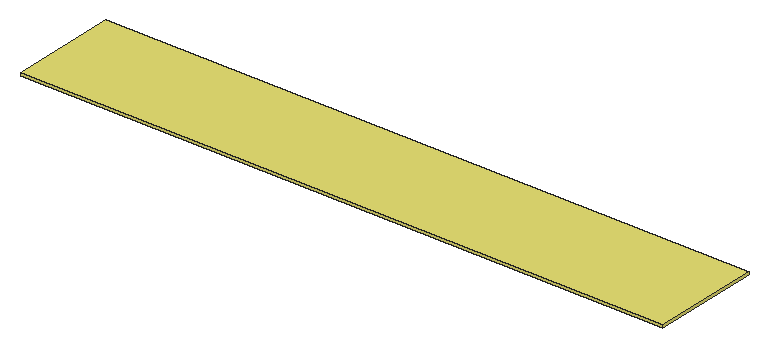
Revit family "Walkway_Flexible_KattsafeUSA_TPO", category Specialty Equipment, Revit 2026
Family settings
  Round Connector Dimension = Use Diameter
  Part Type = Normal
  Classification Number = 23.13.41.19
  Enable Cutting in Views = No
  Cut with Voids When Loaded = No
  Maintain Annotation Orientation = No
  Shared = No
  Room Calculation Point = No
Parameters (values of type "Yellow (DM)")
  WalkwayWidth = 2' - 0"
  WalkwayMaterial = Plastic_Kattsafe_Mesh_Yellow
  Type IFC Predefined Type = "USERDEFINED"
  SafetyDisclaimer [instance] = "WARNING! The correct placement of access, fall protection and facade maintenance systems is critical to ensure it is fit-for-purpose and safe for the operator to use. Did you know Kattsafe® have a dedicated team of Height Safety System Design Specialists? Kattsafe® provide one-on-one consultation and system design assistance to ensure you are meeting the stringent requirements of height safety and to give you PEACE OF MIND with your project."  # constant formula
  Export Type to IFC As = "IfcBuildingElementProxy"
  ElementType = "Roof Walkway"
  WalkwayAngleEnd2 [instance] = 0.00°
  WalkwayAngleEnd1 [instance] = 0.00°
  Uniclass2015Version = "Products v1.33"
  Uniclass2015Title = "Working platforms"
  Uniclass2015Code = "Pr_40_70_75_96"
  URL = "https://kattsafe.com"
  Type Comments = "Fibre Walkway"
  RoofPitchCalc [instance] = if(1 = 1, RoofPitch + 90.00°, 0.00°)  # 90.00°
  RoofPitch [instance] = 0.00°
  ModifiedIssue = 20250703
  Model = "GW364Y"
  ManufacturerURLProductSpecific = "https://kattsafe.com.au/products/guardrails-walkway"
  ManufacturerSpecCode = Model  # "GW364Y"
  ManufacturerOverallWidth = WalkwayWidth  # 2' - 0"
  ManufacturerOverallLength [instance] = [built-in parameter 1001306]  # 12' - 0"
  ManufacturerOverallHeight = 0' - 0 9/16"
  Manufacturer = "Kattsafe®"  # constant formula
  built-in parameter 1001306 [instance] = 12' - 0"
  IfcExportType = "USERDEFINED"
  IfcExportAs = "IfcBuildingElementProxy"
  Description = "Kattsafe guardrail systems are the preferred method of safe access across roofs and areas close to a fall edge. The system requires no specialist PPE, personnel or training to safely prevent a fall with a walkway to designate a safe path of access across the roof surface."  # constant formula
  Default Elevation = 0' - 0"
  CreatedBy = "IGS BIM Solutions"  # constant formula
  CreatedByURL = "https://igsgroup.com.au"
  CleatsActualNumberOf [instance] = 0
  BattensActualNumberOf [instance] = 0
  Assembly Code = "E1090100"
Types (4): name | WalkwayMaterial
  Yellow (DM) | Plastic_Kattsafe_Mesh_Yellow
  Black (DM) | Plastic_Kattsafe_Mesh_Black
  White (DM) | Plastic_Kattsafe_Mesh_White
  Light Gray (DM) | Plastic_Kattsafe_Mesh_LightGray
Reference planes (in)
  plane 1 "Front_Calc": y = -24.2126
  plane 2 "Bottom": z = 0
  plane 3 "Left": x = 0
  plane 4 "Right": x = 144
  plane 5 "Front": y = -24.2126
  plane 6 "Center (Front/Back)": y = -12.2126
  plane 7 "Center (Left/Right)": x = 72
  plane 8 "Top": z = 0.5625
  plane 9 "Left_Calc": x = 0
  plane 10 "Right_Calc": x = 144
  plane 11 "FrontSupport": y = -22.6378
  plane 12 "BackSupport": y = -1.7874
  plane 13 "Back": y = -0.2126
Lines and regions (in)
  reference lines
    curve 1: line (0, -24.2126, 0) -> (144, -24.2126, 0)
    curve 2: line (0, -24.2126, 0) -> (0.03783, -24.2126, 0)
    curve 3: line (144, -24.2126, 0) -> (143.9591, -24.2126, 0)
    curve 4: line (0, -24.2126, 0.5625) -> (0, -0.2126, 0.5625)
    curve 5: line (144, -24.2126, 0.5625) -> (144, -0.2126, 0.5625)
    curve 6: line (0, -1.7874, 0.5625) -> (144, -1.7874, 0.5625)
    curve 7: line (0, -22.6378, 0.5625) -> (144, -22.6378, 0.5625)
Text (in)
  text "Disclaimer:\nDue to ongoing product development and manufacturing \nevolution, product details are subject to change without \nnotice. Please refer to product technical data sheets on \nthe manufacturers website for the most current product \ninformation. Please allow a +/- 5mm manufacturing \ntolerance for dimensions and set-outs shown in product \nliterature." at (326.00117, 92.4875, 0), in view "Ref. Level"
Dimensions and locks (in)
  "built-in parameter 1001306": plane 3 "Left" to plane 4 "Right"
  "ManufacturerOverallHeight": plane 8 "Top" to plane 2 "Bottom"
  equal spacing: plane 3 "Left", plane 7 "Center (Left/Right)", plane 4 "Right"
  locked: plane 3 "Left" to plane 9 "Left_Calc"
  locked: plane 10 "Right_Calc" to plane 4 "Right"
  locked: plane 11 "FrontSupport" to plane 5 "Front" at 1.5748
  locked: plane 12 "BackSupport" to plane 13 "Back" at 1.5748
  equal spacing: plane 13 "Back", plane 6 "Center (Front/Back)", plane 5 "Front"
  "ManufacturerOverallWidth": plane 13 "Back" to plane 5 "Front"
  plane 1 "Front_Calc" to plane 5 "Front" = 0' - 0"
  "WalkwayAngleEnd1": angle curve 4 to plane 3 "Left"
  "WalkwayAngleEnd2": angle plane 10 "Right_Calc" to curve 5
  aligned and locked: plane 4 "Right" to curve 1
  aligned and locked: plane 1 "Front_Calc" to curve 1
  aligned and locked: plane 3 "Left" to curve 1
  aligned and locked: level to plane 2 "Bottom"
  aligned and locked: plane 4 "Right" to curve 3
  aligned and locked: plane 5 "Front" to curve 4
  aligned and locked: plane 3 "Left" to curve 4
  aligned and locked: plane 10 "Right_Calc" to curve 5
  aligned and locked: plane 5 "Front" to curve 5
  aligned and locked: plane 12 "BackSupport" to curve 6
  aligned and locked: plane 13 "Back" to curve 4
  aligned and locked: plane 13 "Back" to curve 5
  aligned and locked: nested 1 to plane 7 "Center (Left/Right)"
  aligned and locked: nested 1 to plane 6 "Center (Front/Back)"
Automatic sketch dimensions
  plane 1 "Front_Calc" to curve 2 = 0' - 0"
  curve 2 to plane 3 "Left" = 0' - 0"
  plane 1 "Front_Calc" to curve 3 = 0' - 0"
  plane 3 "Left" to curve 2 = 0' - 0.03783"
  curve 3 to plane 4 "Right" = 0' - 0.0409"
  curve 7 to plane 11 "FrontSupport" = 0' - 0"
Nested families (in)
  nested 1: "z_Walkway_Kattsafe_PVC" at (1.01514, -12.2126, 0), End1_Angle <- "WalkwayAngleEnd1", End2_Angle <- "WalkwayAngleEnd2", ManufacturerOverallWidth <- "ManufacturerOverallWidth", ManufacturerOverallLength <- "built-in parameter 1001306", type "Type 1"
    with ManufacturerOverallWidth 2' - 0", ManufacturerOverallLength 12' - 0", End2_Angle_Calc 90.00°, End2_Angle 0.00°, End1_Angle_Calc 90.00°, End1_Angle 0.00°, ManufacturerOverallHeight 0' - 0 9/16"
Definition of nested family "z_Walkway_Kattsafe_PVC"
  Parameters (values of type "Type 1")
    URL = "https://kattsafe.com.au/"
    Type Comments = ""
    Model = "GW365Y"
    Material = none
    ManufacturerOverallWidth [instance] = 2' - 0.2126"
    ManufacturerOverallLength [instance] = 12' - 0.09449"
    ManufacturerOverallHeight = 0' - 0.59055"
    Manufacturer = "Kattsafe®"  # constant formula
    Keynote = ""
    End2_Angle_Calc [instance] = if(1 = 1, End2_Angle + 90.00°, 0.00°)  # 90.00°
    End2_Angle [instance] = 0.00°
    End1_Angle_Calc [instance] = if(1 = 1, End1_Angle + 90.00°, 0.00°)  # 90.00°
    End1_Angle [instance] = 0.00°
    Description = "On-Trak Fibre Walkway Mesh (Yellow)"
    Default Elevation = 0' - 0"  # constant formula
    CreatedBy = "IGS BIM Solutions"  # constant formula
    CreatedByURL = "https://igsgroup.com.au"
  Reference planes (in)
    plane 1 "Bottom": z = 0
    plane 2 "Center (Front/Back)": y = 0
    plane 3 "Front": y = -12.1063
    plane 4 "Left": x = -1.01514
    plane 5 "Center (Left/Right)": x = 71.03211
    plane 6 "Top": z = 0.59055
    plane 7 "Right": x = 143.07935
    plane 8 "Back": y = 12.1063
  Forms (in)
    Extrusion 1, solid, material <- "Material"
      sketch origin (0, 7.29295, 0) x (1, 0, 0) y (0, 1, 0)
        loop
          line (-1.01514, 4.81335) -> (-1.01514, -19.39925) -> (143.07935, -19.39925) -> (143.07935, 4.81335) -> (-1.01514, 4.81335)
      from 0 to 0.59055
  Lines and regions (in)
    reference lines
      curve 1: line (-1.01514, -12.1063, 0) -> (-1.01514, 12.1063, 0)
      curve 2: line (143.07935, -12.1063, 0) -> (143.07935, 12.1063, 0)
  Dimensions and locks (in)
    "ManufacturerOverallWidth": plane 8 "Back" to plane 3 "Front"
    "ManufacturerOverallHeight": plane 6 "Top" to plane 1 "Bottom"
    equal spacing: plane 4 "Left", plane 5 "Center (Left/Right)", plane 7 "Right"
    "ManufacturerOverallLength": plane 4 "Left" to plane 7 "Right"
    equal spacing: plane 8 "Back", plane 2 "Center (Front/Back)", plane 3 "Front"
    "End1_Angle_Calc": angle curve 1 to plane 3 "Front"
    "End2_Angle_Calc": angle plane 3 "Front" to curve 2
    aligned and locked: plane 1 "Bottom" to level
    aligned and locked: Extrusion 1 to plane 1 "Bottom"
    aligned and locked: Extrusion 1 to plane 6 "Top"
    aligned and locked: plane 4 "Left" to curve 1
    aligned and locked: plane 3 "Front" to curve 1
    aligned and locked: plane 8 "Back" to curve 1
    aligned and locked: plane 7 "Right" to curve 2
    aligned and locked: plane 3 "Front" to curve 2
    aligned and locked: plane 8 "Back" to curve 2
    aligned and locked: Extrusion 1 sketch curve to curve 1
    aligned and locked: Extrusion 1 sketch curve to curve 2
    aligned and locked: Extrusion 1 to plane 8 "Back"
  Automatic sketch dimensions
    Extrusion 1 sketch curve to plane 7 "Right" = 0' - 0"
    Extrusion 1 sketch curve to plane 8 "Back" = 0' - 0"
